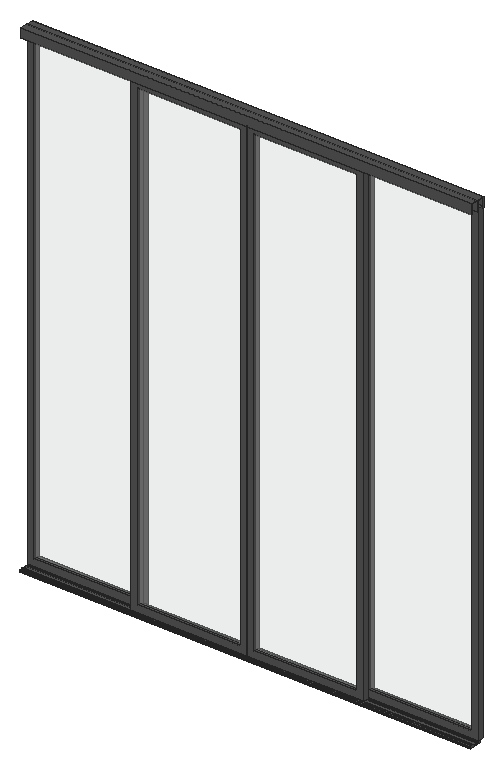
Revit family "Door_FTS CD_The Sliding Door Company_4-Panel Double Track (ABBA-Regular)", category Doors, host Wall, Revit 2019
Family settings
  Host = Wall
  OmniClass Number = 23.30.10.00
  OmniClass Title = Doors
  Always vertical = Yes
  Cut with Voids When Loaded = No
  Shared = No
  Room Calculation Point = No
Parameters (values of type "FTS Closet Doors - 4 Panel 2 Track - ABBA")
  Upper Track Material [instance] = TSDC - Casing/Upper Track - Powder Coated Black
  URL = "https://www.slidingdoorco.com"
  Thickness = 1 1/4"  # constant formula
  Stile and Rail = 1 1/2"
  Rough Width = Finished Opening Width + 5/8" * 2  # 101 1/4"
  Rough Height = Finished Opening Height + 5/8"  # 108 5/8"
  Panel Width 3" Frame = Width / 4 + 1 1/2"  # 26 1/2"
  Panel Width 1 1/2" Frame = Width / 4 + 3/4"  # 25 3/4"
  Panel Height = Height - 2 1/4"  # 105 3/4"
  Opening Clearance 3" Frame = Width - [Panel Width 3" Frame] * 2  # 47"
  Opening Clearance 1 1/2" Frame = Width - [Panel Width 1 1/2" Frame] * 2  # 48 1/2"
  Open [instance] = no
  Model = "FTS Closet Doors - Full Height System"  # constant formula
  Manufacturer = "The Sliding Door Company"  # constant formula
  Limitations = "Panel Width x System Height cannot exceed 7,400 square inches"  # constant formula
  Glass Thickness = "Available in: 5mm Tempered, 7mm,10mm,11mm Laminated Glass"  # constant formula
  Glass Material [instance] = TSDC - Glass - Clear
  Function = Interior
  Height = if(Finished Opening Height > 122", 122", Finished Opening Height)  # 108"
  Wall Closure = By host
  Width = if(Finished Opening Width > 202", 202", Finished Opening Width)  # 100"
  Fire Rating = "N/A"  # constant formula
  Finished Opening Width = 100"
  Finished Opening Height = 108"
  Door Casing Material [instance] = TSDC - Casing/Upper Track - Powder Coated Black
  Description = "4 Panel Bi-part System with Double Track (Regular)"  # constant formula
  Contact The Sliding Door Company = "https://www.slidingdoorco.com/contact"
  Construction Type = "Bi-part, Top Mounted, Regular Bottom Track"  # constant formula
  Configuration = "ABBA Configuration"  # constant formula
  Closed [instance] = not(Open)  # yes
  Bottom Track Material [instance] = TSDC - Bottom Track - Powder Coated Black
  Analytic Construction = "<None>"
  3" Frame (No Support Dividers) = "Max. H=122 in., Max. W=202 in. (52 in. panel width)"  # constant formula
  1 1/2" Frame (No Support Dividers) = "Max. H=108 in., Max. W=190 in. (50 in. panel width)"  # constant formula
Reference planes (in)
  plane 1 "Center (Front/Back)": y = 0
  plane 2 "Center (Left/Right)": x = 0
  plane 3 "Top": z = 108
  plane 4 "Exterior": y = 3
  plane 5 "Interior": y = -3
  plane 6: x = -50
  plane 7: x = 50
  plane 8: z = 0.625
  plane 9 "2": z = 106.375
  plane 10 "3": z = 107.25
  plane 11 "Top": z = 96
  plane 12 "2": z = 94.375
  plane 13 "3": z = 95.25
  plane 14 "Top": z = 96
  plane 15 "2": z = 94.375
  plane 16 "3": z = 95.25
  plane 17 "Top": z = 80
  plane 18: x = -50
  plane 19: x = 50
  plane 20 "2": z = 78.375
  plane 21 "3": z = 79.25
  plane 22: x = -25
  plane 23: x = 25
  plane 24: x = -36.75
  plane 25: x = -38.25
  plane 26: x = 38.25
  plane 27: x = 36
Forms (in)
  Extrusion 1, solid, material "TSDC - Casing/Upper Track - Powder Coated Black" <- "Upper Track Material"
    sketch origin (0, 1.25781, 0) x (0, 1, 0) y (0, 0, 1)
      loop
        line (1.74219, 108) -> (-1.43359, 108) -> (-1.43359, 105.875) -> (-1.375, 105.875) -> (-1.375, 107.94141) -> (0.125, 107.94141) -> (0.125, 105.875) -> (0.18359, 105.875) -> (0.18359, 107.94141) -> (1.68359, 107.94141) -> (1.68359, 105.875) -> (1.74219, 105.875) -> (1.74219, 108)
    from -50 to 50
  Extrusion 2, solid, material "TSDC - Casing/Upper Track - Powder Coated Black", not visible
    sketch origin (0, 0.8784, 0.00198) x (0, 1, 0) y (0, 0, 1)
      loop
        line (1.17662, -0.00198) -> (1.7466, -0.00198) -> (1.7466, 0.11422) -> (1.63872, 0.16601) -> (1.5898, 0.16) -> (1.58595, 0.19134) -> (1.49638, 0.23434) -> (1.44746, 0.22833) -> (1.44362, 0.25967) -> (1.35493, 0.30224) -> (1.30601, 0.29623) -> (1.30216, 0.32757) -> (1.21825, 0.36785)
        arc (1.21825, 0.36785) -> (1.19583, 0.37043) -> (1.17662, 0.35859) r 0.03449
        line (1.17662, 0.35859) -> (1.17662, 0.26961) -> (1.14379, 0.26961) -> (1.14379, 0.30227) -> (1.11271, 0.30227) -> (1.11271, 0.05752) -> (1.14379, 0.05752) -> (1.14379, 0.08934) -> (1.17662, 0.08934) -> (1.17662, -0.00198)
      loop
        line (1.6966, 0.05) -> (1.6966, 0.08276) -> (1.2346, 0.30454) -> (1.2346, 0.05) -> (1.6966, 0.05)
    from -50 to 50
  Extrusion 3, solid, material "TSDC - Casing/Upper Track - Powder Coated Black", not visible
    sketch origin (0, 0.8784, 0.00198) x (0, 1, 0) y (0, 0, 1)
      loop
        arc (1.17662, 0.34104) -> (1.17081, 0.35508) -> (1.15677, 0.36093) r 0.01985
        line (1.15677, 0.36093) -> (1.07541, 0.36093)
        arc (1.07541, 0.36093) -> (1.06136, 0.3551) -> (1.05556, 0.34103) r 0.01985
        line (1.05556, 0.34103) -> (1.05556, 0.20299) -> (0.9831, 0.20299) -> (0.9831, 0.28602)
        arc (0.9831, 0.28602) -> (0.87384, 0.39506) -> (0.76472, 0.28588) r 0.10919
        line (0.76472, 0.28588) -> (0.82428, 0.28588)
        arc (0.82428, 0.28588) -> (0.87397, 0.3355) -> (0.92354, 0.28575) r 0.04963
        line (0.92354, 0.28575) -> (0.92354, 0.14753) -> (1.05556, 0.10767) -> (1.05556, 0.05757) -> (0.38753, 0.05757) -> (0.38753, 0.36093) -> (-0.56932, 0.36093) -> (-0.56932, 0.20299) -> (-0.64178, 0.20299) -> (-0.64178, 0.28602)
        arc (-0.64178, 0.28602) -> (-0.75104, 0.39506) -> (-0.86016, 0.28588) r 0.10919
        line (-0.86016, 0.28588) -> (-0.8006, 0.28588)
        arc (-0.8006, 0.28588) -> (-0.75091, 0.3355) -> (-0.70134, 0.28575) r 0.04963
        line (-0.70134, 0.28575) -> (-0.70134, 0.14753) -> (-0.56932, 0.10767) -> (-0.56932, 0.05757) -> (-1.23735, 0.05757) -> (-1.23735, 0.36093) -> (-2.19421, 0.36093) -> (-2.19421, 0.20299) -> (-2.26667, 0.20299) -> (-2.26667, 0.28602)
        arc (-2.26667, 0.28602) -> (-2.37592, 0.39506) -> (-2.48504, 0.28588) r 0.10919
        line (-2.48504, 0.28588) -> (-2.42548, 0.28588)
        arc (-2.42548, 0.28588) -> (-2.37579, 0.3355) -> (-2.32622, 0.28575) r 0.04963
        line (-2.32622, 0.28575) -> (-2.32622, 0.14753) -> (-2.19421, 0.10767) -> (-2.19421, 0.05757) -> (-2.86223, 0.05757) -> (-2.86223, 0.34103)
        arc (-2.86223, 0.34103) -> (-2.86803, 0.3551) -> (-2.88208, 0.36093) r 0.01985
        line (-2.88208, 0.36093) -> (-2.96344, 0.36093)
        arc (-2.96344, 0.36093) -> (-2.97751, 0.35509) -> (-2.9833, 0.341) r 0.01985
        line (-2.9833, 0.341) -> (-2.9833, 0.26961) -> (-2.95059, 0.26961) -> (-2.95059, 0.30227) -> (-2.91939, 0.30227) -> (-2.91939, 0.05752) -> (-2.95046, 0.05752) -> (-2.95046, 0.08934) -> (-2.9833, 0.08934) -> (-2.9833, -0.00198) -> (-2.13705, -0.00198) -> (-2.10598, 0.05752) -> (-2.13705, 0.05752) -> (-2.13705, 0.30227) -> (-1.29451, 0.30227) -> (-1.29451, 0.05752) -> (-1.32558, 0.05752) -> (-1.29451, -0.00198) -> (-0.51217, -0.00198) -> (-0.4811, 0.05752) -> (-0.51217, 0.05752) -> (-0.51217, 0.30227) -> (0.33038, 0.30227) -> (0.33038, 0.05752) -> (0.2993, 0.05752) -> (0.33038, -0.00198) -> (1.17662, -0.00198) -> (1.17662, 0.08934) -> (1.14379, 0.08934) -> (1.14379, 0.05752) -> (1.11271, 0.05752) -> (1.11271, 0.30227) -> (1.14379, 0.30227) -> (1.14379, 0.26961) -> (1.17662, 0.26961) -> (1.17662, 0.34104)
    from -50 to 50
  Extrusion 4, solid, material "TSDC - Casing/Upper Track - Powder Coated Black", not visible
    sketch origin (0, -0.92827, 0.00198) x (0, -1, 0) y (0, 0, -1)
      loop
        line (1.17662, 0.00198) -> (1.17662, -0.08934) -> (1.14379, -0.08934) -> (1.14379, -0.05752) -> (1.11271, -0.05752) -> (1.11271, -0.30227) -> (1.14379, -0.30227) -> (1.14379, -0.26961) -> (1.17662, -0.26961) -> (1.17662, -0.35859)
        arc (1.17662, -0.35859) -> (1.19583, -0.37043) -> (1.21825, -0.36785) r 0.03449
        line (1.21825, -0.36785) -> (1.30216, -0.32757) -> (1.30601, -0.29623) -> (1.35493, -0.30224) -> (1.44362, -0.25967) -> (1.44746, -0.22833) -> (1.49638, -0.23434) -> (1.58595, -0.19134) -> (1.5898, -0.16) -> (1.63872, -0.16601) -> (1.7466, -0.11422) -> (1.7466, 0.00198) -> (1.17662, 0.00198)
      loop
        line (1.6966, -0.05) -> (1.2346, -0.05) -> (1.2346, -0.30454) -> (1.6966, -0.08276) -> (1.6966, -0.05)
    from -50 to 50
  Extrusion 5, solid, material "TSDC - Casing/Upper Track - Powder Coated Black", not visible
    sketch origin (0, 1.25781, 0) x (0, 1, 0) y (0, 0, 1)
      loop
        line (1.74219, 96) -> (-2.99219, 96) -> (-2.99219, 93.875) -> (-2.93359, 93.875) -> (-2.93359, 95.94141) -> (-1.43359, 95.94141) -> (-1.43359, 93.875) -> (-1.375, 93.875) -> (-1.375, 95.94141) -> (0.125, 95.94141) -> (0.125, 93.875) -> (0.18359, 93.875) -> (0.18359, 95.94141) -> (1.68359, 95.94141) -> (1.68359, 93.875) -> (1.74219, 93.875) -> (1.74219, 96)
    from -50 to 50
  Extrusion 6, solid, material "TSDC - Casing/Upper Track - Powder Coated Black", visible <- "Open", not visible
    sketch origin (-18.0008, 2.81641, 0) x (1, 0, 0) y (0, 0, 1)
      loop
        line (2.33413, 94.375) -> (-31.9992, 94.375) -> (-31.9992, 0.625) -> (2.33413, 0.625) -> (2.33413, 94.375)
      loop
        line (0.83413, 92.875) -> (-30.4992, 92.875) -> (-30.4992, 2.125) -> (0.83413, 2.125) -> (0.83413, 92.875)
    from 0 to 1.25
  Extrusion 7, solid, material "TSDC - Glass - Clear", visible <- "Open", not visible
    sketch origin (-18.0008, 2.31641, 0) x (1, 0, 0) y (0, 0, 1)
      loop
        line (0.83413, 92.875) -> (-30.4992, 92.875) -> (-30.4992, 2.125) -> (0.83413, 2.125) -> (0.83413, 92.875)
    from 0 to 0.25
  Extrusion 8, solid, material "TSDC - Casing/Upper Track - Powder Coated Black", visible <- "Open", not visible
    sketch origin (-44.66746, 1.25781, 0) x (1, 0, 0) y (0, 0, 1)
      loop
        line (29.0008, 94.375) -> (-5.33254, 94.375) -> (-5.33254, 0.625) -> (29.0008, 0.625) -> (29.0008, 94.375)
      loop
        line (27.5008, 92.875) -> (-3.83254, 92.875) -> (-3.83254, 2.125) -> (27.5008, 2.125) -> (27.5008, 92.875)
    from 0 to 1.25
  Extrusion 9, solid, material "TSDC - Glass - Clear", visible <- "Open", not visible
    sketch origin (-44.66746, 0.75781, 0) x (1, 0, 0) y (0, 0, 1)
      loop
        line (27.5008, 92.875) -> (-3.83254, 92.875) -> (-3.83254, 2.125) -> (27.5008, 2.125) -> (27.5008, 92.875)
    from 0 to 0.25
  Extrusion 10, solid, material "TSDC - Casing/Upper Track - Powder Coated Black", visible <- "Open", not visible
    sketch origin (-71.33413, -0.30078, 0) x (1, 0, 0) y (0, 0, 1)
      loop
        line (55.66746, 94.375) -> (21.33413, 94.375) -> (21.33413, 0.625) -> (55.66746, 0.625) -> (55.66746, 94.375)
      loop
        line (54.16746, 92.875) -> (22.83413, 92.875) -> (22.83413, 2.125) -> (54.16746, 2.125) -> (54.16746, 92.875)
    from 0 to 1.25
  Extrusion 11, solid, material "TSDC - Glass - Clear", visible <- "Open", not visible
    sketch origin (-71.33413, -0.80078, 0) x (1, 0, 0) y (0, 0, 1)
      loop
        line (54.16746, 92.875) -> (22.83413, 92.875) -> (22.83413, 2.125) -> (54.16746, 2.125) -> (54.16746, 92.875)
    from 0 to 0.25
  Extrusion 12, solid, material "TSDC - Casing/Upper Track - Powder Coated Black", visible <- "Closed", not visible
    sketch origin (-11.83413, 1.25781, 0) x (1, 0, 0) y (0, 0, 1)
      loop
        line (29.0008, 94.375) -> (-5.33254, 94.375) -> (-5.33254, 0.625) -> (29.0008, 0.625) -> (29.0008, 94.375)
      loop
        line (27.5008, 92.875) -> (-3.83254, 92.875) -> (-3.83254, 2.125) -> (27.5008, 2.125) -> (27.5008, 92.875)
    from 0 to 1.25
  Extrusion 13, solid, material "TSDC - Glass - Clear", visible <- "Closed", not visible
    sketch origin (-11.83413, 0.75781, 0) x (1, 0, 0) y (0, 0, 1)
      loop
        line (27.5008, 92.875) -> (-3.83254, 92.875) -> (-3.83254, 2.125) -> (27.5008, 2.125) -> (27.5008, 92.875)
    from 0 to 0.25
  Extrusion 14, solid, material "TSDC - Casing/Upper Track - Powder Coated Black", visible <- "Closed", not visible
    sketch origin (47.66587, 2.81641, 0) x (1, 0, 0) y (0, 0, 1)
      loop
        line (2.33413, 94.375) -> (-31.9992, 94.375) -> (-31.9992, 0.625) -> (2.33413, 0.625) -> (2.33413, 94.375)
      loop
        line (0.83413, 92.875) -> (-30.4992, 92.875) -> (-30.4992, 2.125) -> (0.83413, 2.125) -> (0.83413, 92.875)
    from 0 to 1.25
  Extrusion 15, solid, material "TSDC - Glass - Clear", visible <- "Closed", not visible
    sketch origin (47.66587, 2.31641, 0) x (1, 0, 0) y (0, 0, 1)
      loop
        line (0.83413, 92.875) -> (-30.4992, 92.875) -> (-30.4992, 2.125) -> (0.83413, 2.125) -> (0.83413, 92.875)
    from 0 to 0.25
  Extrusion 16, solid, material "TSDC - Casing/Upper Track - Powder Coated Black", visible <- "Closed", not visible
    sketch origin (-71.33413, -0.30078, 0) x (1, 0, 0) y (0, 0, 1)
      loop
        line (55.66746, 94.375) -> (21.33413, 94.375) -> (21.33413, 0.625) -> (55.66746, 0.625) -> (55.66746, 94.375)
      loop
        line (54.16746, 92.875) -> (22.83413, 92.875) -> (22.83413, 2.125) -> (54.16746, 2.125) -> (54.16746, 92.875)
    from 0 to 1.25
  Extrusion 17, solid, material "TSDC - Glass - Clear", visible <- "Closed", not visible
    sketch origin (-71.33413, -0.80078, 0) x (1, 0, 0) y (0, 0, 1)
      loop
        line (54.16746, 92.875) -> (22.83413, 92.875) -> (22.83413, 2.125) -> (54.16746, 2.125) -> (54.16746, 92.875)
    from 0 to 0.25
  Extrusion 18, solid, material "TSDC - Casing/Upper Track - Powder Coated Black", not visible
    sketch origin (0, 1.25781, 0) x (0, 1, 0) y (0, 0, 1)
      loop
        line (1.74219, 96) -> (-2.99219, 96) -> (-2.99219, 93.875) -> (-2.93359, 93.875) -> (-2.93359, 95.94141) -> (-1.43359, 95.94141) -> (-1.43359, 93.875) -> (-1.375, 93.875) -> (-1.375, 95.94141) -> (0.125, 95.94141) -> (0.125, 93.875) -> (0.18359, 93.875) -> (0.18359, 95.94141) -> (1.68359, 95.94141) -> (1.68359, 93.875) -> (1.74219, 93.875) -> (1.74219, 96)
    from -50 to 50
  Extrusion 19, solid, material "TSDC - Casing/Upper Track - Powder Coated Black", not visible
    sketch origin (0, 1.25781, 0) x (0, 1, 0) y (0, 0, 1)
      loop
        line (1.74219, 96) -> (-2.99219, 96) -> (-2.99219, 93.875) -> (-2.93359, 93.875) -> (-2.93359, 95.94141) -> (-1.43359, 95.94141) -> (-1.43359, 93.875) -> (-1.375, 93.875) -> (-1.375, 95.94141) -> (0.125, 95.94141) -> (0.125, 93.875) -> (0.18359, 93.875) -> (0.18359, 95.94141) -> (1.68359, 95.94141) -> (1.68359, 93.875) -> (1.74219, 93.875) -> (1.74219, 96)
    from -50 to 50
  Extrusion 20, solid, material "TSDC - Casing/Upper Track - Powder Coated Black", not visible
    sketch origin (0, 1.25781, 0) x (0, 1, 0) y (0, 0, 1)
      loop
        line (1.74219, 96) -> (-2.99219, 96) -> (-2.99219, 93.875) -> (-2.93359, 93.875) -> (-2.93359, 95.94141) -> (-1.43359, 95.94141) -> (-1.43359, 93.875) -> (-1.375, 93.875) -> (-1.375, 95.94141) -> (0.125, 95.94141) -> (0.125, 93.875) -> (0.18359, 93.875) -> (0.18359, 95.94141) -> (1.68359, 95.94141) -> (1.68359, 93.875) -> (1.74219, 93.875) -> (1.74219, 96)
    from -50 to 50
  Extrusion 21, solid, material "TSDC - Casing/Upper Track - Powder Coated Black", not visible
    sketch origin (0, 0.8784, 0.00198) x (0, 1, 0) y (0, 0, 1)
      loop
        line (1.17662, -0.00198) -> (1.7466, -0.00198) -> (1.7466, 0.11422) -> (1.63872, 0.16601) -> (1.5898, 0.16) -> (1.58595, 0.19134) -> (1.49638, 0.23434) -> (1.44746, 0.22833) -> (1.44362, 0.25967) -> (1.35493, 0.30224) -> (1.30601, 0.29623) -> (1.30216, 0.32757) -> (1.21825, 0.36785)
        arc (1.21825, 0.36785) -> (1.19583, 0.37043) -> (1.17662, 0.35859) r 0.03449
        line (1.17662, 0.35859) -> (1.17662, 0.26961) -> (1.14379, 0.26961) -> (1.14379, 0.30227) -> (1.11271, 0.30227) -> (1.11271, 0.05752) -> (1.14379, 0.05752) -> (1.14379, 0.08934) -> (1.17662, 0.08934) -> (1.17662, -0.00198)
      loop
        line (1.6966, 0.05) -> (1.6966, 0.08276) -> (1.2346, 0.30454) -> (1.2346, 0.05) -> (1.6966, 0.05)
    from -50 to 50
  Extrusion 22, solid, material "TSDC - Casing/Upper Track - Powder Coated Black", not visible
    sketch origin (0, 0.8784, 0.00198) x (0, 1, 0) y (0, 0, 1)
      loop
        arc (1.17662, 0.34104) -> (1.17081, 0.35508) -> (1.15677, 0.36093) r 0.01985
        line (1.15677, 0.36093) -> (1.07541, 0.36093)
        arc (1.07541, 0.36093) -> (1.06136, 0.3551) -> (1.05556, 0.34103) r 0.01985
        line (1.05556, 0.34103) -> (1.05556, 0.20299) -> (0.9831, 0.20299) -> (0.9831, 0.28602)
        arc (0.9831, 0.28602) -> (0.87384, 0.39506) -> (0.76472, 0.28588) r 0.10919
        line (0.76472, 0.28588) -> (0.82428, 0.28588)
        arc (0.82428, 0.28588) -> (0.87397, 0.3355) -> (0.92354, 0.28575) r 0.04963
        line (0.92354, 0.28575) -> (0.92354, 0.14753) -> (1.05556, 0.10767) -> (1.05556, 0.05757) -> (0.38753, 0.05757) -> (0.38753, 0.36093) -> (-0.56932, 0.36093) -> (-0.56932, 0.20299) -> (-0.64178, 0.20299) -> (-0.64178, 0.28602)
        arc (-0.64178, 0.28602) -> (-0.75104, 0.39506) -> (-0.86016, 0.28588) r 0.10919
        line (-0.86016, 0.28588) -> (-0.8006, 0.28588)
        arc (-0.8006, 0.28588) -> (-0.75091, 0.3355) -> (-0.70134, 0.28575) r 0.04963
        line (-0.70134, 0.28575) -> (-0.70134, 0.14753) -> (-0.56932, 0.10767) -> (-0.56932, 0.05757) -> (-1.23735, 0.05757) -> (-1.23735, 0.36093) -> (-2.19421, 0.36093) -> (-2.19421, 0.20299) -> (-2.26667, 0.20299) -> (-2.26667, 0.28602)
        arc (-2.26667, 0.28602) -> (-2.37592, 0.39506) -> (-2.48504, 0.28588) r 0.10919
        line (-2.48504, 0.28588) -> (-2.42548, 0.28588)
        arc (-2.42548, 0.28588) -> (-2.37579, 0.3355) -> (-2.32622, 0.28575) r 0.04963
        line (-2.32622, 0.28575) -> (-2.32622, 0.14753) -> (-2.19421, 0.10767) -> (-2.19421, 0.05757) -> (-2.86223, 0.05757) -> (-2.86223, 0.34103)
        arc (-2.86223, 0.34103) -> (-2.86803, 0.3551) -> (-2.88208, 0.36093) r 0.01985
        line (-2.88208, 0.36093) -> (-2.96344, 0.36093)
        arc (-2.96344, 0.36093) -> (-2.97751, 0.35509) -> (-2.9833, 0.341) r 0.01985
        line (-2.9833, 0.341) -> (-2.9833, 0.26961) -> (-2.95059, 0.26961) -> (-2.95059, 0.30227) -> (-2.91939, 0.30227) -> (-2.91939, 0.05752) -> (-2.95046, 0.05752) -> (-2.95046, 0.08934) -> (-2.9833, 0.08934) -> (-2.9833, -0.00198) -> (-2.13705, -0.00198) -> (-2.10598, 0.05752) -> (-2.13705, 0.05752) -> (-2.13705, 0.30227) -> (-1.29451, 0.30227) -> (-1.29451, 0.05752) -> (-1.32558, 0.05752) -> (-1.29451, -0.00198) -> (-0.51217, -0.00198) -> (-0.4811, 0.05752) -> (-0.51217, 0.05752) -> (-0.51217, 0.30227) -> (0.33038, 0.30227) -> (0.33038, 0.05752) -> (0.2993, 0.05752) -> (0.33038, -0.00198) -> (1.17662, -0.00198) -> (1.17662, 0.08934) -> (1.14379, 0.08934) -> (1.14379, 0.05752) -> (1.11271, 0.05752) -> (1.11271, 0.30227) -> (1.14379, 0.30227) -> (1.14379, 0.26961) -> (1.17662, 0.26961) -> (1.17662, 0.34104)
    from -50 to 50
  Extrusion 23, solid, material "TSDC - Casing/Upper Track - Powder Coated Black", not visible
    sketch origin (0, -0.92827, 0.00198) x (0, -1, 0) y (0, 0, -1)
      loop
        line (1.17662, 0.00198) -> (1.17662, -0.08934) -> (1.14379, -0.08934) -> (1.14379, -0.05752) -> (1.11271, -0.05752) -> (1.11271, -0.30227) -> (1.14379, -0.30227) -> (1.14379, -0.26961) -> (1.17662, -0.26961) -> (1.17662, -0.35859)
        arc (1.17662, -0.35859) -> (1.19583, -0.37043) -> (1.21825, -0.36785) r 0.03449
        line (1.21825, -0.36785) -> (1.30216, -0.32757) -> (1.30601, -0.29623) -> (1.35493, -0.30224) -> (1.44362, -0.25967) -> (1.44746, -0.22833) -> (1.49638, -0.23434) -> (1.58595, -0.19134) -> (1.5898, -0.16) -> (1.63872, -0.16601) -> (1.7466, -0.11422) -> (1.7466, 0.00198) -> (1.17662, 0.00198)
      loop
        line (1.6966, -0.05) -> (1.2346, -0.05) -> (1.2346, -0.30454) -> (1.6966, -0.08276) -> (1.6966, -0.05)
    from -50 to 50
  Extrusion 24, solid, material "TSDC - Casing/Upper Track - Powder Coated Black", not visible
    sketch origin (0, 1.25781, -16) x (0, 1, 0) y (0, 0, 1)
      loop
        line (1.74219, 96) -> (-2.99219, 96) -> (-2.99219, 93.875) -> (-2.93359, 93.875) -> (-2.93359, 95.94141) -> (-1.43359, 95.94141) -> (-1.43359, 93.875) -> (-1.375, 93.875) -> (-1.375, 95.94141) -> (0.125, 95.94141) -> (0.125, 93.875) -> (0.18359, 93.875) -> (0.18359, 95.94141) -> (1.68359, 95.94141) -> (1.68359, 93.875) -> (1.74219, 93.875) -> (1.74219, 96)
    from -50 to 50
  Extrusion 25, solid, material "TSDC - Casing/Upper Track - Powder Coated Black" <- "Door Casing Material", visible <- "Closed"
    sketch origin (-47.66587, 1.25781, 0) x (-1, 0, 0) y (0, 0, -1)
      loop
        line (-21.91587, -106.375) -> (-21.91587, -0.625) -> (-47.66587, -0.625) -> (-47.66587, -106.375) -> (-21.91587, -106.375)
      loop
        line (-23.41587, -104.875) -> (-23.41587, -2.125) -> (-46.16587, -2.125) -> (-46.16587, -104.875) -> (-23.41587, -104.875)
    from 0 to 1.25
  Extrusion 26, solid, material "TSDC - Glass - Clear" <- "Glass Material", visible <- "Closed"
    sketch origin (-47.66587, 0.75781, 0) x (-1, 0, 0) y (0, 0, -1)
      loop
        line (-23.41587, -104.875) -> (-23.41587, -2.125) -> (-46.16587, -2.125) -> (-46.16587, -104.875) -> (-23.41587, -104.875)
    from 0 to 0.25
  Extrusion 27, solid, material "TSDC - Casing/Upper Track - Powder Coated Black" <- "Door Casing Material", visible <- "Closed"
    sketch origin (-83.66587, 2.81641, 0) x (-1, 0, 0) y (0, 0, -1)
      loop
        line (-33.66587, -106.375) -> (-33.66587, -0.625) -> (-59.41587, -0.625) -> (-59.41587, -106.375) -> (-33.66587, -106.375)
      loop
        line (-35.16587, -104.875) -> (-35.16587, -2.125) -> (-57.91587, -2.125) -> (-57.91587, -104.875) -> (-35.16587, -104.875)
    from 0 to 1.25
  Extrusion 28, solid, material "TSDC - Glass - Clear" <- "Glass Material", visible <- "Closed"
    sketch origin (-83.66587, 2.31641, 0) x (-1, 0, 0) y (0, 0, -1)
      loop
        line (-35.16587, -104.875) -> (-35.16587, -2.125) -> (-57.91587, -2.125) -> (-57.91587, -104.875) -> (-35.16587, -104.875)
    from 0 to 0.25
  Extrusion 29, solid, material "TSDC - Casing/Upper Track - Powder Coated Black" <- "Door Casing Material", visible <- "Closed"
    sketch origin (47.66587, 1.25781, 0) x (1, 0, 0) y (0, 0, 1)
      loop
        line (-21.91587, 106.375) -> (-47.66587, 106.375) -> (-47.66587, 0.625) -> (-21.91587, 0.625) -> (-21.91587, 106.375)
      loop
        line (-23.41587, 104.875) -> (-46.16587, 104.875) -> (-46.16587, 2.125) -> (-23.41587, 2.125) -> (-23.41587, 104.875)
    from 0 to 1.25
  Extrusion 30, solid, material "TSDC - Glass - Clear" <- "Glass Material", visible <- "Closed"
    sketch origin (47.66587, 0.75781, 0) x (1, 0, 0) y (0, 0, 1)
      loop
        line (-23.41587, 104.875) -> (-46.16587, 104.875) -> (-46.16587, 2.125) -> (-23.41587, 2.125) -> (-23.41587, 104.875)
    from 0 to 0.25
  Extrusion 31, solid, material "TSDC - Casing/Upper Track - Powder Coated Black" <- "Door Casing Material", visible <- "Closed"
    sketch origin (83.66587, 2.81641, 0) x (1, 0, 0) y (0, 0, 1)
      loop
        line (-33.66587, 106.375) -> (-59.41587, 106.375) -> (-59.41587, 0.625) -> (-33.66587, 0.625) -> (-33.66587, 106.375)
      loop
        line (-35.16587, 104.875) -> (-57.91587, 104.875) -> (-57.91587, 2.125) -> (-35.16587, 2.125) -> (-35.16587, 104.875)
    from 0 to 1.25
  Extrusion 32, solid, material "TSDC - Glass - Clear" <- "Glass Material", visible <- "Closed"
    sketch origin (83.66587, 2.31641, 0) x (1, 0, 0) y (0, 0, 1)
      loop
        line (-35.16587, 104.875) -> (-57.91587, 104.875) -> (-57.91587, 2.125) -> (-35.16587, 2.125) -> (-35.16587, 104.875)
    from 0 to 0.25
  Extrusion 33, solid, material "TSDC - Casing/Upper Track - Powder Coated Black" <- "Door Casing Material", visible <- "Open"
    sketch origin (-83.66587, 2.81641, 0) x (-1, 0, 0) y (0, 0, -1)
      loop
        line (-33.66587, -106.375) -> (-33.66587, -0.625) -> (-59.41587, -0.625) -> (-59.41587, -106.375) -> (-33.66587, -106.375)
      loop
        line (-35.16587, -104.875) -> (-35.16587, -2.125) -> (-57.91587, -2.125) -> (-57.91587, -104.875) -> (-35.16587, -104.875)
    from 0 to 1.25
  Extrusion 34, solid, material "TSDC - Glass - Clear" <- "Glass Material", visible <- "Open"
    sketch origin (-83.66587, 2.31641, 0) x (-1, 0, 0) y (0, 0, -1)
      loop
        line (-35.16587, -104.875) -> (-35.16587, -2.125) -> (-57.91587, -2.125) -> (-57.91587, -104.875) -> (-35.16587, -104.875)
    from 0 to 0.25
  Extrusion 35, solid, material "TSDC - Casing/Upper Track - Powder Coated Black" <- "Door Casing Material", visible <- "Open"
    sketch origin (-83.66587, 1.25781, 0) x (-1, 0, 0) y (0, 0, -1)
      loop
        line (-33.66587, -106.375) -> (-33.66587, -0.625) -> (-59.41587, -0.625) -> (-59.41587, -106.375) -> (-33.66587, -106.375)
      loop
        line (-35.16587, -104.875) -> (-35.16587, -2.125) -> (-57.91587, -2.125) -> (-57.91587, -104.875) -> (-35.16587, -104.875)
    from 0 to 1.25
  Extrusion 36, solid, material "TSDC - Glass - Clear" <- "Glass Material", visible <- "Open"
    sketch origin (-83.66587, 0.75781, 0) x (-1, 0, 0) y (0, 0, -1)
      loop
        line (-35.16587, -104.875) -> (-35.16587, -2.125) -> (-57.91587, -2.125) -> (-57.91587, -104.875) -> (-35.16587, -104.875)
    from 0 to 0.25
  Extrusion 37, solid, material "TSDC - Casing/Upper Track - Powder Coated Black" <- "Door Casing Material", visible <- "Open"
    sketch origin (83.66587, 1.25781, 0) x (1, 0, 0) y (0, 0, 1)
      loop
        line (-33.66587, 106.375) -> (-59.41587, 106.375) -> (-59.41587, 0.625) -> (-33.66587, 0.625) -> (-33.66587, 106.375)
      loop
        line (-35.16587, 104.875) -> (-57.91587, 104.875) -> (-57.91587, 2.125) -> (-35.16587, 2.125) -> (-35.16587, 104.875)
    from 0 to 1.25
  Extrusion 38, solid, material "TSDC - Glass - Clear" <- "Glass Material", visible <- "Open"
    sketch origin (83.66587, 0.75781, 0) x (1, 0, 0) y (0, 0, 1)
      loop
        line (-35.16587, 104.875) -> (-57.91587, 104.875) -> (-57.91587, 2.125) -> (-35.16587, 2.125) -> (-35.16587, 104.875)
    from 0 to 0.25
  Extrusion 39, solid, material "TSDC - Casing/Upper Track - Powder Coated Black" <- "Door Casing Material", visible <- "Open"
    sketch origin (83.66587, 2.81641, 0) x (1, 0, 0) y (0, 0, 1)
      loop
        line (-33.66587, 106.375) -> (-59.41587, 106.375) -> (-59.41587, 0.625) -> (-33.66587, 0.625) -> (-33.66587, 106.375)
      loop
        line (-35.16587, 103.375) -> (-57.91587, 103.375) -> (-57.91587, 3.625) -> (-35.16587, 3.625) -> (-35.16587, 103.375)
    from 0 to 1.25
  Extrusion 40, solid, material "TSDC - Glass - Clear" <- "Glass Material", visible <- "Open"
    sketch origin (83.66587, 2.31641, 0) x (1, 0, 0) y (0, 0, 1)
      loop
        line (-35.16587, 103.375) -> (-57.91587, 103.375) -> (-57.91587, 3.625) -> (-35.16587, 3.625) -> (-35.16587, 103.375)
    from 0 to 0.25
  Extrusion 41, solid, material "TSDC - Bottom Track - Powder Coated Black" <- "Bottom Track Material"
    sketch origin (0, 3.8784, 0.00198) x (0, 1, 0) y (0, 0, 1)
      loop
        line (-1.82338, 0.26961) -> (-1.82338, 0.34104)
        arc (-1.82338, 0.34104) -> (-1.82919, 0.35508) -> (-1.84323, 0.36089) r 0.01985
        line (-1.84323, 0.36089) -> (-1.92459, 0.36093)
        arc (-1.92459, 0.36093) -> (-1.93864, 0.3551) -> (-1.94444, 0.34103) r 0.01985
        line (-1.94444, 0.34103) -> (-1.94444, 0.20299) -> (-2.0169, 0.20299) -> (-2.0169, 0.28602)
        arc (-2.0169, 0.28602) -> (-2.12616, 0.39506) -> (-2.23528, 0.28588) r 0.10919
        line (-2.23528, 0.28588) -> (-2.17572, 0.28588)
        arc (-2.17572, 0.28588) -> (-2.12603, 0.3355) -> (-2.07646, 0.28575) r 0.04963
        line (-2.07646, 0.28575) -> (-2.07646, 0.14753) -> (-1.94444, 0.10767) -> (-1.94444, 0.05757) -> (-2.61247, 0.05757) -> (-2.61247, 0.36093) -> (-3.56932, 0.36093) -> (-3.56932, 0.20299) -> (-3.64178, 0.20299) -> (-3.64178, 0.28602)
        arc (-3.64178, 0.28602) -> (-3.75104, 0.39506) -> (-3.86016, 0.28588) r 0.10919
        line (-3.86016, 0.28588) -> (-3.8006, 0.28588)
        arc (-3.8006, 0.28588) -> (-3.75091, 0.3355) -> (-3.70134, 0.28575) r 0.04963
        line (-3.70134, 0.28575) -> (-3.70134, 0.14753) -> (-3.56932, 0.10767) -> (-3.56932, 0.05757) -> (-4.23735, 0.05757) -> (-4.23735, 0.34103)
        arc (-4.23735, 0.34103) -> (-4.24315, 0.3551) -> (-4.2572, 0.36093) r 0.01985
        line (-4.2572, 0.36093) -> (-4.33856, 0.36093)
        arc (-4.33856, 0.36093) -> (-4.35263, 0.35509) -> (-4.35841, 0.341) r 0.01985
        line (-4.35841, 0.341) -> (-4.35841, 0.26961) -> (-4.32571, 0.26961) -> (-4.32571, 0.30227) -> (-4.29451, 0.30227) -> (-4.29451, 0.05752) -> (-4.32558, 0.05752) -> (-4.32558, 0.08934) -> (-4.35841, 0.08934) -> (-4.35841, -0.00198) -> (-3.51217, -0.00198) -> (-3.4811, 0.05752) -> (-3.51217, 0.05752) -> (-3.51217, 0.30227) -> (-2.66962, 0.30227) -> (-2.66962, 0.05752) -> (-2.7007, 0.05752) -> (-2.66962, -0.00198) -> (-1.82338, -0.00198) -> (-1.82338, 0.08934) -> (-1.85621, 0.08934) -> (-1.85621, 0.05752) -> (-1.88729, 0.05752) -> (-1.88729, 0.30227) -> (-1.85621, 0.30227) -> (-1.85621, 0.26961) -> (-1.82338, 0.26961)
    from -50 to 50
Lines and regions (in)
  Opening 1
    outline origin (-60, -3, 0) x (1, 0, 0) y (0, 0, 1)
      loop
        line (110, 108) -> (10, 108) -> (10, 0) -> (110, 0) -> (110, 108)
Text (in)
  text "Exterior" at (-165.54235, 27.31104, 0), in view "Ref. Level"
  text "Interior" at (-165.54235, -25.14366, 0), in view "Ref. Level"
  text "Exterior" at (0, 40.15149, 123.01588), in view "Right"
  text "Interior" at (0, -64.39139, 123.01588), in view "Right"
  text "Interior" at (0, -31.01599, 123.00693), in view "Left"
  text "Exterior" at (0, 54.57065, 123.00693), in view "Left"
Dimensions and locks (in)
  locked: plane 9 "2" to plane 3 "Top" at 1.625
  locked: plane 10 "3" to plane 3 "Top" at 0.75
  "Height": level to plane 3 "Top"
  "Width": plane 6 to plane 7
  "Stile and Rail": Extrusion 25 to Extrusion 25  (x5)
  plane 4 "Exterior" to Extrusion 1 to Extrusion 1 to Extrusion 1 to Extrusion 1 to Extrusion 1 = 15/256" locked, 1 1/2" locked, 15/256" locked, 1 1/2" locked, 15/256" locked
  equal spacing: plane 6, plane 22, plane 2 "Center (Left/Right)", plane 23, plane 7
  "Stile and Rail": Extrusion 27 to Extrusion 27  (x4)
  equal spacing: Extrusion 27, plane 22, Extrusion 27
  equal spacing: Extrusion 25, plane 22, Extrusion 25
  plane 6 to Extrusion 27 = 25 3/4"
  Extrusion 25 to Extrusion 25 = 25 3/4"
  "Stile and Rail": Extrusion 29 to Extrusion 29  (x5)
  "Stile and Rail": Extrusion 31 to Extrusion 31  (x4)
  plane 2 "Center (Left/Right)" to Extrusion 29 = 25 3/4"
  Extrusion 31 to Extrusion 31 = 25 3/4"
  equal spacing: Extrusion 31, plane 23, Extrusion 31
  equal spacing: Extrusion 29, plane 23, Extrusion 29
  Extrusion 25 to Extrusion 25 to plane 4 "Exterior" = 1 1/4" locked, 1 95/128" locked
  Extrusion 26 to Extrusion 26 to plane 4 "Exterior" = 1/4" locked, 2 31/128" locked
  Extrusion 29 to Extrusion 29 to plane 4 "Exterior" = 1 1/4" locked, 1 95/128" locked
  Extrusion 30 to Extrusion 30 to plane 4 "Exterior" = 1/4" locked, 2 31/128" locked
  Extrusion 27 to Extrusion 27 to plane 4 "Exterior" = 1 1/4" locked, 47/256" locked
  Extrusion 31 to Extrusion 31 to plane 4 "Exterior" = 1 1/4" locked, 47/256" locked
  Extrusion 28 to Extrusion 28 to plane 4 "Exterior" = 1/4" locked, 175/256" locked
  Extrusion 32 to Extrusion 32 to plane 4 "Exterior" = 1/4" locked, 175/256" locked
  "Stile and Rail": Extrusion 33 to Extrusion 33  (x4)
  locked: Extrusion 33 to Extrusion 33 at 1.25
  locked: Extrusion 34 to Extrusion 34 at 0.25
  "Stile and Rail": Extrusion 35 to Extrusion 35  (x4)
  locked: Extrusion 35 to Extrusion 35 at 1.25
  locked: Extrusion 36 to Extrusion 36 at 0.25
  "Stile and Rail": Extrusion 37 to Extrusion 37  (x5)
  locked: Extrusion 37 to Extrusion 37 at 1.25
  locked: Extrusion 38 to Extrusion 38 at 0.25
  locked: Extrusion 39 to Extrusion 39 at 1.25
  locked: Extrusion 40 to Extrusion 40 at 0.25
  "Stile and Rail": Extrusion 39 to Extrusion 39  (x2)
  Extrusion 35 to Extrusion 35 to Extrusion 33 to Extrusion 33 to plane 4 "Exterior" = 1 1/4" locked, 79/256" locked, 1 1/4" locked, 47/256" locked
  Extrusion 36 to Extrusion 36 to Extrusion 34 to Extrusion 34 to plane 4 "Exterior" = 1/4" locked, 1 79/256" locked, 1/4" locked, 175/256" locked
  Extrusion 37 to Extrusion 37 to Extrusion 39 to Extrusion 39 to plane 4 "Exterior" = 1 1/4" locked, 79/256" locked, 1 1/4" locked, 47/256" locked
  Extrusion 38 to Extrusion 38 to Extrusion 40 to Extrusion 40 to plane 4 "Exterior" = 1/4" locked, 1 79/256" locked, 1/4" locked, 175/256" locked
  Extrusion 33 to Extrusion 41 to Extrusion 41 = 0.76138" locked, 2.53504" locked
  aligned and locked: plane 4 "Exterior" to host wall
  aligned and locked: host wall to plane 5 "Interior"
  aligned and locked: Extrusion 1 to plane 6
  aligned and locked: plane 7 to Extrusion 1
  aligned and locked: Opening 1 sketch curve to Extrusion 1
  aligned and locked: Extrusion 25 to Extrusion 26  (x4)
  aligned and locked: host wall to Extrusion 1 sketch curve
  aligned and locked: Extrusion 27 to Extrusion 28  (x4)
  aligned and locked: Extrusion 30 to Extrusion 29  (x4)
  aligned and locked: Extrusion 32 to Extrusion 31  (x4)
  aligned and locked: Extrusion 33 to Extrusion 34  (x4)
  aligned and locked: Extrusion 25 to Extrusion 33
  aligned and locked: Extrusion 35 to Extrusion 36  (x4)
  aligned and locked: Extrusion 35 to Extrusion 25
  aligned and locked: Extrusion 38 to Extrusion 37  (x4)
  aligned and locked: Extrusion 37 to Extrusion 29
  aligned and locked: Extrusion 40 to Extrusion 39  (x4)
  aligned and locked: Extrusion 39 to Extrusion 37
  aligned and locked: host wall to Extrusion 41  (x2)
  aligned and locked: Extrusion 41 to plane 6
Automatic sketch dimensions
  Extrusion 2 sketch curve to Extrusion 2 sketch curve = 0.03107"  (x2)
  Extrusion 2 sketch curve to Extrusion 2 sketch curve = 0.03284"  (x2)
  Extrusion 2 sketch curve to Extrusion 2 sketch curve = 0.0267"
  Extrusion 2 sketch curve to Extrusion 2 sketch curve = 0.01493"
  Extrusion 2 sketch curve to Extrusion 2 sketch curve = 0.05797"
  Extrusion 2 sketch curve to Extrusion 2 sketch curve = 0.06757"
  Extrusion 2 sketch curve to Extrusion 2 sketch curve = 0.00385"  (x3)
  Extrusion 2 sketch curve to Extrusion 2 sketch curve = 0.04892"  (x3)
  Extrusion 2 sketch curve to Extrusion 2 sketch curve = 0.08869"
  Extrusion 2 sketch curve to Extrusion 2 sketch curve = 0.08957"
  Extrusion 2 sketch curve to Extrusion 2 sketch curve = 0.05788"
  Extrusion 2 sketch curve to Extrusion 2 sketch curve = 0.05"
  Extrusion 2 sketch curve to Extrusion 2 sketch curve = 0.03276"
  Extrusion 2 sketch curve to Extrusion 2 sketch curve = 0.03182"
  Extrusion 2 sketch curve to Extrusion 2 sketch curve = 0.03146"
  Extrusion 2 sketch curve to Extrusion 2 sketch curve = 0.00601"  (x3)
  Extrusion 2 sketch curve to Extrusion 2 sketch curve = 0.09824"
  Extrusion 2 sketch curve to Extrusion 2 sketch curve = 0.03266"
  Extrusion 2 sketch curve to Extrusion 2 sketch curve = 0.06331"
  Extrusion 2 sketch curve to Extrusion 2 sketch curve = 0.03109"
  Extrusion 3 sketch curve to Extrusion 3 sketch curve = 0"  (x25)
  Extrusion 3 sketch curve to Extrusion 3 sketch curve = 0.01985"  (x3)
  Extrusion 3 sketch curve to Extrusion 3 sketch curve = 0.03271"
  Extrusion 3 sketch curve to Extrusion 3 sketch curve = 0.03284"  (x3)
  Extrusion 3 sketch curve to Extrusion 3 sketch curve = 0.03107"  (x9)
  Extrusion 3 sketch curve to Extrusion 3 sketch curve = 0.0373"
  Extrusion 3 sketch curve to Extrusion 3 sketch curve = 0.37719"  (x3)
  Extrusion 3 sketch curve to Extrusion 3 sketch curve = 0.05956"  (x6)
  Extrusion 3 sketch curve to Extrusion 3 sketch curve = 0.04963"  (x6)
  Extrusion 3 sketch curve to Extrusion 3 sketch curve = 0.07246"  (x4)
  Extrusion 3 sketch curve to Extrusion 3 sketch curve = 0.05716"  (x5)
  Extrusion 3 sketch curve to Extrusion 3 sketch curve = 0.7804"  (x2)
  Extrusion 3 sketch curve to Extrusion 3 sketch curve = 0.01299"
  Extrusion 3 sketch curve to Extrusion 3 sketch curve = 0.00005"  (x5)
  Extrusion 3 sketch curve to Extrusion 3 sketch curve = 0.03182"  (x2)
  Extrusion 3 sketch curve to Extrusion 3 sketch curve = 0.0501"  (x3)
  Extrusion 3 sketch curve to Extrusion 3 sketch curve = 0.03986"  (x2)
  Extrusion 3 sketch curve to Extrusion 3 sketch curve = 0.09532"  (x2)
  Extrusion 3 sketch curve to Extrusion 3 sketch curve = 0.05547"  (x2)
  Extrusion 3 sketch curve to Extrusion 3 sketch curve = 0.06662"
  Extrusion 3 sketch curve to Extrusion 3 sketch curve = 0.08276"  (x3)
  Extrusion 3 sketch curve to Extrusion 3 sketch curve = 0.00012"  (x3)
  Extrusion 3 sketch curve to Extrusion 3 sketch curve = 0.03266"  (x2)
  Extrusion 3 sketch curve to Extrusion 3 sketch curve = 0.24475"
  Extrusion 3 sketch curve to Extrusion 3 sketch curve = 0.09928"
  Extrusion 3 sketch curve to Extrusion 3 sketch curve = 0.03873"
  Extrusion 3 sketch curve to Extrusion 3 sketch curve = 0.03876"  (x2)
  Extrusion 3 sketch curve to Extrusion 3 sketch curve = 0.03877"
  Extrusion 3 sketch curve to Extrusion 3 sketch curve = 0.00007"
  Extrusion 3 sketch curve to Extrusion 3 sketch curve = 0.05866"  (x2)
  Extrusion 4 sketch curve to Extrusion 4 sketch curve = 0.03107"  (x2)
  Extrusion 4 sketch curve to Extrusion 4 sketch curve = 0.03284"  (x2)
  Extrusion 4 sketch curve to Extrusion 4 sketch curve = 0.0267"
  Extrusion 4 sketch curve to Extrusion 4 sketch curve = 0.01493"
  Extrusion 4 sketch curve to Extrusion 4 sketch curve = 0.05797"
  Extrusion 4 sketch curve to Extrusion 4 sketch curve = 0.06757"
  Extrusion 4 sketch curve to Extrusion 4 sketch curve = 0.00385"  (x3)
  Extrusion 4 sketch curve to Extrusion 4 sketch curve = 0.04892"  (x3)
  Extrusion 4 sketch curve to Extrusion 4 sketch curve = 0.08869"
  Extrusion 4 sketch curve to Extrusion 4 sketch curve = 0.08957"
  Extrusion 4 sketch curve to Extrusion 4 sketch curve = 0.05788"
  Extrusion 4 sketch curve to Extrusion 4 sketch curve = 0.05"
  Extrusion 4 sketch curve to Extrusion 4 sketch curve = 0.00926"
  Extrusion 4 sketch curve to Extrusion 4 sketch curve = 0.03134"  (x3)
  Extrusion 4 sketch curve to Extrusion 4 sketch curve = 0.03222"
  Extrusion 4 sketch curve to Extrusion 4 sketch curve = 0.05632"
  Extrusion 4 sketch curve to Extrusion 4 sketch curve = 0.03266"
  Extrusion 4 sketch curve to Extrusion 4 sketch curve = 0.06422"
  Extrusion 4 sketch curve to Extrusion 4 sketch curve = 0.03182"
  Extrusion 4 sketch curve to Extrusion 4 sketch curve = 0.03276"
  Extrusion 2 sketch curve to Extrusion 2 sketch curve = 0.05198"
  Extrusion 2 sketch curve to Extrusion 2 sketch curve = 0.05951"
  Extrusion 2 sketch curve to Extrusion 2 sketch curve = 0.07724"
  Extrusion 2 sketch curve to Extrusion 2 sketch curve = 0.03699"
  Extrusion 2 sketch curve to Extrusion 2 sketch curve = 0.18027"
  Extrusion 2 sketch curve to Extrusion 2 sketch curve = 0.00831"
  Extrusion 3 sketch curve to Extrusion 3 sketch curve = 0.05951"  (x6)
  Extrusion 3 sketch curve to Extrusion 3 sketch curve = 0.18027"
  Extrusion 4 sketch curve to Extrusion 4 sketch curve = 0.02303"
  Extrusion 4 sketch curve to Extrusion 4 sketch curve = 0.04257"
  Extrusion 4 sketch curve to Extrusion 4 sketch curve = 0.043"
  Extrusion 4 sketch curve to Extrusion 4 sketch curve = 0.05179"
  Extrusion 4 sketch curve to Extrusion 4 sketch curve = 0.03934"
  Extrusion 4 sketch curve to Extrusion 4 sketch curve = 0.05198"
  Extrusion 5 sketch curve to Extrusion 5 sketch curve = 15/256"  (x5)
  Extrusion 5 sketch curve to Extrusion 5 sketch curve = 0"  (x5)
  Extrusion 5 sketch curve to Extrusion 5 sketch curve = 1 1/2"  (x3)
  Extrusion 5 sketch curve to Extrusion 5 sketch curve = 2 17/256"
  Extrusion 6 sketch curve to Extrusion 6 sketch curve = 1 1/2"  (x4)
  Extrusion 6 sketch curve to Extrusion 6 sketch curve = 31.33333"
  Extrusion 6 sketch curve to Extrusion 6 sketch curve = 90 3/4"
  Extrusion 7 sketch curve to Extrusion 7 sketch curve = 31.33333"
  Extrusion 7 sketch curve to Extrusion 7 sketch curve = 90 3/4"
  Extrusion 8 sketch curve to Extrusion 8 sketch curve = 1 1/2"  (x4)
  Extrusion 8 sketch curve to Extrusion 8 sketch curve = 31.33333"
  Extrusion 8 sketch curve to Extrusion 8 sketch curve = 90 3/4"
  Extrusion 9 sketch curve to Extrusion 9 sketch curve = 31.33333"
  Extrusion 9 sketch curve to Extrusion 9 sketch curve = 90 3/4"
  Extrusion 10 sketch curve to Extrusion 10 sketch curve = 1 1/2"  (x4)
  Extrusion 10 sketch curve to Extrusion 10 sketch curve = 31.33333"
  Extrusion 10 sketch curve to Extrusion 10 sketch curve = 90 3/4"
  Extrusion 11 sketch curve to Extrusion 11 sketch curve = 31.33333"
  Extrusion 11 sketch curve to Extrusion 11 sketch curve = 90 3/4"
  Extrusion 12 sketch curve to Extrusion 12 sketch curve = 1 1/2"  (x4)
  Extrusion 12 sketch curve to Extrusion 12 sketch curve = 31.33333"
  Extrusion 12 sketch curve to Extrusion 12 sketch curve = 90 3/4"
  Extrusion 13 sketch curve to Extrusion 13 sketch curve = 31.33333"
  Extrusion 13 sketch curve to Extrusion 13 sketch curve = 90 3/4"
  Extrusion 14 sketch curve to Extrusion 14 sketch curve = 1 1/2"  (x4)
  Extrusion 14 sketch curve to Extrusion 14 sketch curve = 31.33333"
  Extrusion 14 sketch curve to Extrusion 14 sketch curve = 90 3/4"
  Extrusion 15 sketch curve to Extrusion 15 sketch curve = 31.33333"
  Extrusion 15 sketch curve to Extrusion 15 sketch curve = 90 3/4"
  Extrusion 16 sketch curve to Extrusion 16 sketch curve = 1 1/2"  (x4)
  Extrusion 16 sketch curve to Extrusion 16 sketch curve = 31.33333"
  Extrusion 16 sketch curve to Extrusion 16 sketch curve = 90 3/4"
  Extrusion 17 sketch curve to Extrusion 17 sketch curve = 31.33333"
  Extrusion 17 sketch curve to Extrusion 17 sketch curve = 90 3/4"
  Extrusion 18 sketch curve to Extrusion 18 sketch curve = 15/256"  (x5)
  Extrusion 18 sketch curve to Extrusion 18 sketch curve = 0"  (x5)
  Extrusion 18 sketch curve to Extrusion 18 sketch curve = 1 1/2"  (x3)
  Extrusion 18 sketch curve to Extrusion 18 sketch curve = 2 17/256"
  plane 12 "2" to Extrusion 19 sketch curve = 1/2"  (x4)
  Extrusion 19 sketch curve to Extrusion 19 sketch curve = 15/256"  (x4)
  plane 11 "Top" to Extrusion 19 sketch curve = 15/256"  (x2)
  Extrusion 19 sketch curve to Extrusion 19 sketch curve = 0"
  Extrusion 19 sketch curve to plane 11 "Top" = 0"
  Extrusion 19 sketch curve to Extrusion 19 sketch curve = 1 1/2"  (x3)
  plane 15 "2" to Extrusion 20 sketch curve = 1/2"  (x4)
  Extrusion 20 sketch curve to Extrusion 20 sketch curve = 15/256"  (x4)
  plane 14 "Top" to Extrusion 20 sketch curve = 15/256"  (x2)
  Extrusion 20 sketch curve to Extrusion 20 sketch curve = 0"
  Extrusion 20 sketch curve to plane 14 "Top" = 0"
  Extrusion 20 sketch curve to Extrusion 20 sketch curve = 1 1/2"  (x3)
  Extrusion 21 sketch curve to Extrusion 21 sketch curve = 0.03107"  (x2)
  Extrusion 21 sketch curve to Extrusion 21 sketch curve = 0.03284"  (x2)
  Extrusion 21 sketch curve to Extrusion 21 sketch curve = 0.0267"
  Extrusion 21 sketch curve to Extrusion 21 sketch curve = 0.01493"
  Extrusion 21 sketch curve to Extrusion 21 sketch curve = 0.05797"
  Extrusion 21 sketch curve to Extrusion 21 sketch curve = 0.06757"
  Extrusion 21 sketch curve to Extrusion 21 sketch curve = 0.00385"  (x3)
  Extrusion 21 sketch curve to Extrusion 21 sketch curve = 0.04892"  (x3)
  Extrusion 21 sketch curve to Extrusion 21 sketch curve = 0.08869"
  Extrusion 21 sketch curve to Extrusion 21 sketch curve = 0.08957"
  Extrusion 21 sketch curve to Extrusion 21 sketch curve = 0.05788"
  Extrusion 21 sketch curve to Extrusion 21 sketch curve = 0.05"
  Extrusion 21 sketch curve to Extrusion 21 sketch curve = 0.03276"
  Extrusion 21 sketch curve to Extrusion 21 sketch curve = 0.03182"
  Extrusion 21 sketch curve to Extrusion 21 sketch curve = 0.03146"
  Extrusion 21 sketch curve to Extrusion 21 sketch curve = 0.00601"  (x3)
  Extrusion 21 sketch curve to Extrusion 21 sketch curve = 0.09824"
  Extrusion 21 sketch curve to Extrusion 21 sketch curve = 0.03266"
  Extrusion 21 sketch curve to Extrusion 21 sketch curve = 0.06331"
  Extrusion 21 sketch curve to Extrusion 21 sketch curve = 0.03109"
  Extrusion 22 sketch curve to Extrusion 22 sketch curve = 0"  (x25)
  Extrusion 22 sketch curve to Extrusion 22 sketch curve = 0.01985"  (x3)
  Extrusion 22 sketch curve to Extrusion 22 sketch curve = 0.03271"
  Extrusion 22 sketch curve to Extrusion 22 sketch curve = 0.03284"  (x3)
  Extrusion 22 sketch curve to Extrusion 22 sketch curve = 0.03107"  (x9)
  Extrusion 22 sketch curve to Extrusion 22 sketch curve = 0.0373"
  Extrusion 22 sketch curve to Extrusion 22 sketch curve = 0.37719"  (x3)
  Extrusion 22 sketch curve to Extrusion 22 sketch curve = 0.05956"  (x6)
  Extrusion 22 sketch curve to Extrusion 22 sketch curve = 0.04963"  (x6)
  Extrusion 22 sketch curve to Extrusion 22 sketch curve = 0.07246"  (x4)
  Extrusion 22 sketch curve to Extrusion 22 sketch curve = 0.05716"  (x5)
  Extrusion 22 sketch curve to Extrusion 22 sketch curve = 0.7804"  (x2)
  Extrusion 22 sketch curve to Extrusion 22 sketch curve = 0.01299"
  Extrusion 22 sketch curve to Extrusion 22 sketch curve = 0.00005"  (x5)
  Extrusion 22 sketch curve to Extrusion 22 sketch curve = 0.03182"  (x2)
  Extrusion 22 sketch curve to Extrusion 22 sketch curve = 0.0501"  (x3)
  Extrusion 22 sketch curve to Extrusion 22 sketch curve = 0.03986"  (x2)
  Extrusion 22 sketch curve to Extrusion 22 sketch curve = 0.09532"  (x2)
  Extrusion 22 sketch curve to Extrusion 22 sketch curve = 0.05547"  (x2)
  Extrusion 22 sketch curve to Extrusion 22 sketch curve = 0.06662"
  Extrusion 22 sketch curve to Extrusion 22 sketch curve = 0.08276"  (x3)
  Extrusion 22 sketch curve to Extrusion 22 sketch curve = 0.00012"  (x3)
  Extrusion 22 sketch curve to Extrusion 22 sketch curve = 0.03266"  (x2)
  Extrusion 22 sketch curve to Extrusion 22 sketch curve = 0.24475"
  Extrusion 22 sketch curve to Extrusion 22 sketch curve = 0.09928"
  Extrusion 22 sketch curve to Extrusion 22 sketch curve = 0.03873"
  Extrusion 22 sketch curve to Extrusion 22 sketch curve = 0.03876"  (x2)
  Extrusion 22 sketch curve to Extrusion 22 sketch curve = 0.03877"
  Extrusion 22 sketch curve to Extrusion 22 sketch curve = 0.00007"
  Extrusion 22 sketch curve to Extrusion 22 sketch curve = 0.05866"  (x2)
  Extrusion 23 sketch curve to Extrusion 23 sketch curve = 0.03107"  (x2)
  Extrusion 23 sketch curve to Extrusion 23 sketch curve = 0.03284"  (x2)
  Extrusion 23 sketch curve to Extrusion 23 sketch curve = 0.0267"
  Extrusion 23 sketch curve to Extrusion 23 sketch curve = 0.01493"
  Extrusion 23 sketch curve to Extrusion 23 sketch curve = 0.05797"
  Extrusion 23 sketch curve to Extrusion 23 sketch curve = 0.06757"
  Extrusion 23 sketch curve to Extrusion 23 sketch curve = 0.00385"  (x3)
  Extrusion 23 sketch curve to Extrusion 23 sketch curve = 0.04892"  (x3)
  Extrusion 23 sketch curve to Extrusion 23 sketch curve = 0.08869"
  Extrusion 23 sketch curve to Extrusion 23 sketch curve = 0.08957"
  Extrusion 23 sketch curve to Extrusion 23 sketch curve = 0.05788"
  Extrusion 23 sketch curve to Extrusion 23 sketch curve = 0.05"
  Extrusion 23 sketch curve to Extrusion 23 sketch curve = 0.00926"
  Extrusion 23 sketch curve to Extrusion 23 sketch curve = 0.03134"  (x3)
  Extrusion 23 sketch curve to Extrusion 23 sketch curve = 0.03222"
  Extrusion 23 sketch curve to Extrusion 23 sketch curve = 0.05632"
  Extrusion 23 sketch curve to Extrusion 23 sketch curve = 0.03266"
  Extrusion 23 sketch curve to Extrusion 23 sketch curve = 0.06422"
  Extrusion 23 sketch curve to Extrusion 23 sketch curve = 0.03182"
  Extrusion 23 sketch curve to Extrusion 23 sketch curve = 0.03276"
  Extrusion 21 sketch curve to Extrusion 21 sketch curve = 0.05198"
  Extrusion 21 sketch curve to Extrusion 21 sketch curve = 0.05951"
  Extrusion 21 sketch curve to Extrusion 21 sketch curve = 0.07724"
  Extrusion 21 sketch curve to Extrusion 21 sketch curve = 0.03699"
  Extrusion 21 sketch curve to Extrusion 21 sketch curve = 0.18027"
  Extrusion 21 sketch curve to Extrusion 21 sketch curve = 0.00831"
  Extrusion 22 sketch curve to Extrusion 22 sketch curve = 0.05951"  (x6)
  Extrusion 22 sketch curve to Extrusion 22 sketch curve = 0.18027"
  Extrusion 23 sketch curve to Extrusion 23 sketch curve = 0.02303"
  Extrusion 23 sketch curve to Extrusion 23 sketch curve = 0.04257"
  Extrusion 23 sketch curve to Extrusion 23 sketch curve = 0.043"
  Extrusion 23 sketch curve to Extrusion 23 sketch curve = 0.05179"
  Extrusion 23 sketch curve to Extrusion 23 sketch curve = 0.03934"
  Extrusion 23 sketch curve to Extrusion 23 sketch curve = 0.05198"
  plane 20 "2" to Extrusion 24 sketch curve = 1/2"  (x4)
  Extrusion 24 sketch curve to Extrusion 24 sketch curve = 15/256"  (x4)
  plane 17 "Top" to Extrusion 24 sketch curve = 15/256"  (x2)
  Extrusion 24 sketch curve to Extrusion 24 sketch curve = 0"
  Extrusion 24 sketch curve to plane 17 "Top" = 0"
  Extrusion 24 sketch curve to Extrusion 24 sketch curve = 1 1/2"  (x3)
  plane 3 "Top" to Extrusion 1 sketch curve = 0"
  Extrusion 1 sketch curve to host wall = 15/256"
  plane 3 "Top" to Extrusion 1 sketch curve = 15/256"  (x2)
  Extrusion 1 sketch curve to host wall = 1 113/256"
  Extrusion 1 sketch curve to Extrusion 1 sketch curve = 15/256"  (x2)
  host wall to Extrusion 1 sketch curve = 15/128"
  plane 9 "2" to Extrusion 1 sketch curve = 1/2"  (x3)
  Opening 1 sketch curve to plane 3 "Top" = 0"
  Opening 1 sketch curve to plane 6 = 0"
  Opening 1 sketch curve to level = 0"
  Extrusion 25 sketch curve to plane 2 "Center (Left/Right)" = 0"
  Extrusion 25 sketch curve to plane 9 "2" = 0"
  Extrusion 25 sketch curve to plane 8 = 0"
  Extrusion 25 sketch curve to plane 2 "Center (Left/Right)" = 1 1/2"
  plane 22 to Extrusion 25 sketch curve = 3/4"
  Extrusion 25 sketch curve to plane 22 = 3/4"
  plane 9 "2" to Extrusion 25 sketch curve = 1 1/2"
  plane 8 to Extrusion 25 sketch curve = 1 1/2"
  Extrusion 26 sketch curve to plane 2 "Center (Left/Right)" = 1 1/2"
  plane 22 to Extrusion 26 sketch curve = 3/4"
  plane 9 "2" to Extrusion 26 sketch curve = 1 1/2"
  plane 8 to Extrusion 26 sketch curve = 1 1/2"
  Extrusion 27 sketch curve to plane 9 "2" = 0"
  Extrusion 27 sketch curve to plane 8 = 0"
  Extrusion 27 sketch curve to plane 6 = 0"
  plane 6 to Extrusion 27 sketch curve = 1 1/2"
  Extrusion 27 sketch curve to plane 22 = 3/4"
  plane 22 to Extrusion 27 sketch curve = 3/4"
  plane 9 "2" to Extrusion 27 sketch curve = 1 1/2"
  plane 8 to Extrusion 27 sketch curve = 1 1/2"
  Extrusion 28 sketch curve to plane 22 = 3/4"
  plane 6 to Extrusion 28 sketch curve = 1 1/2"
  plane 9 "2" to Extrusion 28 sketch curve = 1 1/2"
  plane 8 to Extrusion 28 sketch curve = 1 1/2"
  Extrusion 29 sketch curve to plane 2 "Center (Left/Right)" = 0"
  Extrusion 29 sketch curve to plane 9 "2" = 0"
  Extrusion 29 sketch curve to plane 8 = 0"
  plane 2 "Center (Left/Right)" to Extrusion 29 sketch curve = 1 1/2"
  Extrusion 29 sketch curve to plane 23 = 3/4"
  plane 23 to Extrusion 29 sketch curve = 3/4"
  plane 8 to Extrusion 29 sketch curve = 1 1/2"
  plane 9 "2" to Extrusion 29 sketch curve = 1 1/2"
  plane 2 "Center (Left/Right)" to Extrusion 30 sketch curve = 1 1/2"
  Extrusion 30 sketch curve to plane 23 = 3/4"
  plane 8 to Extrusion 30 sketch curve = 1 1/2"
  plane 9 "2" to Extrusion 30 sketch curve = 1 1/2"
  Extrusion 31 sketch curve to plane 9 "2" = 0"
  Extrusion 31 sketch curve to plane 8 = 0"
  Extrusion 31 sketch curve to plane 7 = 0"
  Extrusion 31 sketch curve to plane 7 = 1 1/2"
  plane 23 to Extrusion 31 sketch curve = 3/4"
  Extrusion 31 sketch curve to plane 23 = 3/4"
  plane 8 to Extrusion 31 sketch curve = 1 1/2"
  plane 9 "2" to Extrusion 31 sketch curve = 1 1/2"
  plane 23 to Extrusion 32 sketch curve = 3/4"
  Extrusion 32 sketch curve to plane 7 = 1 1/2"
  plane 8 to Extrusion 32 sketch curve = 1 1/2"
  plane 9 "2" to Extrusion 32 sketch curve = 1 1/2"
  Extrusion 33 sketch curve to plane 9 "2" = 0"
  Extrusion 33 sketch curve to plane 8 = 0"
  Extrusion 33 sketch curve to plane 6 = 0"
  plane 6 to Extrusion 33 sketch curve = 1 1/2"
  Extrusion 33 sketch curve to plane 22 = 3/4"
  plane 22 to Extrusion 33 sketch curve = 3/4"
  plane 9 "2" to Extrusion 33 sketch curve = 1 1/2"
  plane 8 to Extrusion 33 sketch curve = 1 1/2"
  Extrusion 34 sketch curve to plane 22 = 3/4"
  plane 6 to Extrusion 34 sketch curve = 1 1/2"
  plane 9 "2" to Extrusion 34 sketch curve = 1 1/2"
  plane 8 to Extrusion 34 sketch curve = 1 1/2"
  Extrusion 35 sketch curve to plane 9 "2" = 0"
  Extrusion 35 sketch curve to plane 8 = 0"
  Extrusion 35 sketch curve to plane 6 = 0"
  plane 6 to Extrusion 35 sketch curve = 1 1/2"
  Extrusion 35 sketch curve to plane 22 = 3/4"
  plane 22 to Extrusion 35 sketch curve = 3/4"
  plane 9 "2" to Extrusion 35 sketch curve = 1 1/2"
  plane 8 to Extrusion 35 sketch curve = 1 1/2"
  Extrusion 36 sketch curve to plane 22 = 3/4"
  plane 6 to Extrusion 36 sketch curve = 1 1/2"
  plane 9 "2" to Extrusion 36 sketch curve = 1 1/2"
  plane 8 to Extrusion 36 sketch curve = 1 1/2"
  Extrusion 37 sketch curve to plane 9 "2" = 0"
  Extrusion 37 sketch curve to plane 8 = 0"
  Extrusion 37 sketch curve to plane 7 = 0"
  Extrusion 37 sketch curve to plane 7 = 1 1/2"
  plane 23 to Extrusion 37 sketch curve = 3/4"
  Extrusion 37 sketch curve to plane 23 = 3/4"
  plane 8 to Extrusion 37 sketch curve = 1 1/2"
  plane 9 "2" to Extrusion 37 sketch curve = 1 1/2"
  plane 23 to Extrusion 38 sketch curve = 3/4"
  Extrusion 38 sketch curve to plane 7 = 1 1/2"
  plane 8 to Extrusion 38 sketch curve = 1 1/2"
  plane 9 "2" to Extrusion 38 sketch curve = 1 1/2"
  Extrusion 39 sketch curve to plane 9 "2" = 0"
  Extrusion 39 sketch curve to plane 8 = 0"
  Extrusion 39 sketch curve to plane 7 = 0"
  Extrusion 39 sketch curve to plane 7 = 1 1/2"
  plane 23 to Extrusion 39 sketch curve = 3/4"
  Extrusion 39 sketch curve to plane 23 = 3/4"
  plane 8 to Extrusion 39 sketch curve = 3"
  plane 9 "2" to Extrusion 39 sketch curve = 3"
  plane 23 to Extrusion 40 sketch curve = 3/4"
  Extrusion 40 sketch curve to plane 7 = 1 1/2"
  plane 8 to Extrusion 40 sketch curve = 3"
  plane 9 "2" to Extrusion 40 sketch curve = 3"
  Extrusion 41 sketch curve to Extrusion 41 sketch curve = 0"  (x12)
  Extrusion 41 sketch curve to level = 0"  (x2)
  Extrusion 41 sketch curve to Extrusion 41 sketch curve = 0.01985"  (x3)
  Extrusion 41 sketch curve to Extrusion 41 sketch curve = 0.01286"
